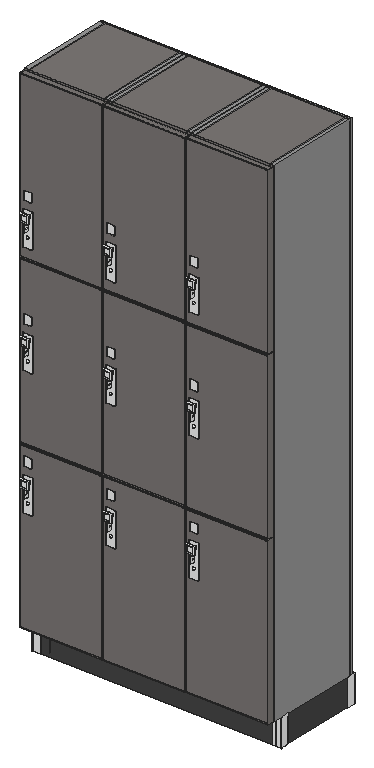
Revit family "Wood_Lockers_Hasps-Salsbury_Industries-43000_Series-3_Wide_Units.rfa", category Specialty Equipment, Revit 2016 (continued)
Definition of nested family "Wood Locker Sloping Corner Fillers"
  Automatic sketch dimensions
    Extrusion 6 sketch curve to plane 12 "New Left Side" = 0.000"
    plane 5 "Right Side of Hood" to Extrusion 6 sketch curve = 0.07981"
    Extrusion 6 sketch curve to Extrusion 6 sketch curve = 0.07981"
    plane 14 "Top" to Extrusion 6 sketch curve = 0.031"
    Extrusion 7 sketch curve to level = 0.000"
    plane 15 to Extrusion 7 sketch curve = 0.000"
    plane 5 "Right Side of Hood" to Extrusion 7 sketch curve = 0.000"
    Extrusion 7 sketch curve to plane 8 = 0.000"
    Extrusion 8 sketch curve to plane 10 "New Back of Hood" = 0.000"
    Extrusion 8 sketch curve to level = 0.000"
    Extrusion 8 sketch curve to plane 7 "Black Trim Line" = 1.80877"
    plane 14 "Top" to Extrusion 8 sketch curve = 0.74863"
Definition of nested family "Wood Locker Flat Corner Fillers"
  Parameters (values of type "44437 - for 15" D Lockers")
    Width = 16.875"
    Visible = yes
    Version = "1.0 (12/15/23)"
    Type Comments = "Flat Top Corner Filler for Premier Wood Lockers"
    Model = "44437"
    Manufacturer = "Salsbury Industries"
    Laminate Surface = none
    Height = 0.750"
    Description = "For 15\" D Lockers"
    Depth = 16.875"
  Types (6): name | Width | Visible | Version | Type Comments | Model | Manufacturer | Description | Depth
    (no name) | 16.875" | yes | "1.0 (12/15/23)" | "Flat Top Corner Filler for Premier Wood Lockers" | "44437" | "Salsbury Industries" | "For 15\" D Lockers" | 16.875"
    44437 - for 15" D Lockers | 16.875" | yes | "1.0 (12/15/23)" | "Flat Top Corner Filler for Premier Wood Lockers" | "44437" | "Salsbury Industries" | "For 15\" D Lockers" | 16.875"
    None | 15.000" | no | "" | "" | "" | "" | "" | 13.250"
    44438 - for 18" D Lockers | 19.875" | yes | "1.0 (12/15/23)" | "Flat Top Corner Filler for Premier Wood Lockers" | "44438" | "Salsbury Industries" | "For 18\" D Lockers" | 19.875"
    44431 - for 21" D Lockers | 22.875" | yes | "1.0 (12/15/23)" | "Flat Top Corner Filler for Premier Wood Lockers" | "44431" | "Salsbury Industries" | "For 21\" D Lockers" | 22.875"
    44439 - for 24" D Lockers | 25.875" | yes | "1.0 (12/15/23)" | "Flat Top Corner Filler for Premier Wood Lockers" | "44439" | "Salsbury Industries" | "For 24\" D Lockers" | 25.875"
  Reference planes (in)
    plane 1 "Center (Front/Back)": y = 0
    plane 2: z = 0
    plane 3 "Center (Left/Right)": x = 0
    plane 4 "Right Side": x = 8.4375
    plane 5 "Left Side": x = -8.4375
    plane 6 "Front Side": y = -8.4375
    plane 7 "Back Side": y = 8.4375
    plane 8 "Bottom": z = 0
    plane 9 "Top Side": z = 0.75
    plane 10 "Wood - Laminate Line": z = 0.719
    plane 11: x = -5.4375
    plane 12: y = -5.4375
  Forms (in)
    Extrusion 1, solid, visible <- "Visible"
      sketch origin (0, 0, 0) x (0, -1, 0) y (1, 0, 0)
        loop
          line (-8.4375, -8.4375) -> (5.4375, -8.4375) -> (5.4375, -5.4375) -> (8.4375, -5.4375) -> (8.4375, 8.4375) -> (-8.4375, 8.4375) -> (-8.4375, -8.4375)
      from 0 to 0.719
    Extrusion 2, solid, material <- "Laminate Surface", visible <- "Visible"
      sketch origin (0, 0, 0.75) x (1, 0, 0) y (0, 1, 0)
        loop
          line (-8.4375, -5.4375) -> (-5.4375, -5.4375) -> (-5.4375, -8.4375) -> (8.4375, -8.4375) -> (8.4375, 8.4375) -> (-8.4375, 8.4375) -> (-8.4375, -5.4375)
      from -0.031 to 0
  Dimensions and locks (in)
    equal spacing: plane 6 "Front Side", plane 1 "Center (Front/Back)", plane 7 "Back Side"
    equal spacing: plane 5 "Left Side", plane 3 "Center (Left/Right)", plane 4 "Right Side"
    "Width": plane 5 "Left Side" to plane 4 "Right Side"
    "Depth": plane 6 "Front Side" to plane 7 "Back Side"
    "Height": plane 9 "Top Side" to plane 8 "Bottom"
    locked: plane 9 "Top Side" to plane 10 "Wood - Laminate Line" at 0.031
    locked: plane 6 "Front Side" to plane 12 at 3
    locked: plane 5 "Left Side" to plane 11 at 3
    plane 12 to plane 7 "Back Side" = 13.875"
    aligned and locked: level to plane 2
  Automatic sketch dimensions
    Extrusion 2 sketch curve to plane 5 "Left Side" = 0.000"
    plane 6 "Front Side" to Extrusion 2 sketch curve = 0.000"
    Extrusion 2 sketch curve to plane 11 = 0.000"
    Extrusion 2 sketch curve to plane 4 "Right Side" = 0.000"
    Extrusion 2 sketch curve to plane 12 = 0.000"
    plane 7 "Back Side" to Extrusion 2 sketch curve = 0.000"
    Extrusion 1 sketch curve to plane 5 "Left Side" = 0.000"
    plane 7 "Back Side" to Extrusion 1 sketch curve = 0.000"
    Extrusion 1 sketch curve to plane 12 = 0.000"
    Extrusion 1 sketch curve to plane 4 "Right Side" = 0.000"
    plane 6 "Front Side" to Extrusion 1 sketch curve = 0.000"
    Extrusion 1 sketch curve to plane 11 = 0.000"
Definition of nested family "Wood Locker Side Panels-No Slope"
  Parameters (values of type "44330 - 6' H for 15"D Lockers")
    Width = 14.625"
    Visible = yes
    Version = "1.0 (12/15/23)"
    Type Comments = "Side Panel for Premier Wood Lockers without Sloping Hood"
    Model = "44330"
    Manufacturer = "Salsbury Industries"
    Laminate Surface = none
    Height = 72.000"
    Door Trim = none
    Description = "6' H for 15\" D Lockers"
    Depth = 0.750"
  Types (6): name | Width | Visible | Version | Type Comments | Model | Manufacturer | Description
    (no name) | 14.625" | yes | "1.0 (12/15/23)" | "Side Panel for Premier Wood Lockers without Sloping Hood" | "44330" | "Salsbury Industries" | "6' H for 15\" D Lockers"
    44330 - 6' H for 15"D Lockers | 14.625" | yes | "1.0 (12/15/23)" | "Side Panel for Premier Wood Lockers without Sloping Hood" | "44330" | "Salsbury Industries" | "6' H for 15\" D Lockers"
    44333 - 6' H for 18" D Lockers | 17.625" | yes | "1.0 (12/15/23)" | "Side Panel for Premier Wood Lockers withouth Sloping Hood" | "44333" | "Salsbury Industries" | "6' H for 18\" D Lockers"
    44335 - 6' H for 21" D Lockers | 20.625" | yes | "1.0 (12/15/23)" | "Side Panel for Premier Wood Lockers without Sloping Hood" | "44335" | "Salsbury Industries" | "6' H for 21\" D Lockers"
    None | 14.000" | no | "" | "" | "" | "" | ""
    44237 - 6' H for 24" D Lockers | 23.625" | yes | "1.0 (12/15/23)" | "Side Panel for Premier Wood Lockers without Sloping Hood" | "44237" | "Salsbury Industries" | "6' H for 21\" D Lockers"
  Reference planes (in)
    plane 1 "Center (Front/Back)": y = 0
    plane 2: z = 0
    plane 3 "Center (Left/Right)": x = 0
    plane 4 "Back": y = 0.375
    plane 5 "Front": y = -0.375
    plane 6 "Left Side": x = -7.3125
    plane 7 "Right Side": x = 7.3125
    plane 8 "Bottom": z = 0
    plane 9 "Top": z = 72
    plane 10 "Center Elevation": z = 36
    plane 11 "Wood - Laminate Edge": y = -0.344
    plane 12 "Right Side of Wood": x = 7.2815
    plane 13 "Left Side of Wood": x = -7.2815
    plane 14 "Top of Wood": z = 71.969
    plane 15 "Bottom of Wood": z = 0.031
  Forms (in)
    Extrusion 1, solid, visible <- "Visible"
      sketch origin (0, 0.375, 0) x (1, 0, 0) y (0, 0, 1)
        loop
          line (7.2815, 71.969) -> (-7.2815, 71.969) -> (-7.2815, 0.031) -> (7.2815, 0.031) -> (7.2815, 71.969)
      from 0 to 0.719
    Extrusion 2, solid, material <- "Laminate Surface", visible <- "Visible"
      sketch origin (0, -0.375, 0) x (1, 0, 0) y (0, 0, 1)
        loop
          line (-7.3125, 72) -> (-7.3125, 0) -> (7.3125, 0) -> (7.3125, 72) -> (-7.3125, 72)
      from -0.031 to 0
    Extrusion 3, solid, material <- "Laminate Surface", visible <- "Visible"
      sketch origin (0, 0, 0) x (1, 0, 0) y (0, 0, 1)
        loop
          line (-7.3125, 0) -> (7.3125, 0) -> (7.3125, 72) -> (-7.3125, 72) -> (-7.3125, 0)
        loop
          line (-7.2815, 0.031) -> (7.2815, 0.031) -> (7.2815, 71.969) -> (-7.2815, 71.969) -> (-7.2815, 0.031)
      from -0.375 to 0.344
  Dimensions and locks (in)
    equal spacing: plane 6 "Left Side", plane 3 "Center (Left/Right)", plane 7 "Right Side"
    plane 5 "Front" to plane 1 "Center (Front/Back)" to plane 4 "Back" = 0.375", 0.375"
    "Width": plane 6 "Left Side" to plane 7 "Right Side"
    "Depth": plane 5 "Front" to plane 4 "Back"
    equal spacing: plane 9 "Top", plane 10 "Center Elevation", plane 8 "Bottom"
    "Height": plane 9 "Top" to plane 8 "Bottom"
    locked: plane 5 "Front" to plane 11 "Wood - Laminate Edge" at 0.031
    locked: plane 15 "Bottom of Wood" to plane 8 "Bottom" at 0.031
    locked: plane 12 "Right Side of Wood" to plane 7 "Right Side" at 0.031
    locked: plane 6 "Left Side" to plane 13 "Left Side of Wood" at 0.031
    locked: plane 9 "Top" to plane 14 "Top of Wood" at 0.031
    aligned and locked: level to plane 2
    aligned and locked: Extrusion 2 sketch curve to plane 7 "Right Side"
    aligned and locked: plane 8 "Bottom" to Extrusion 2 sketch curve
    aligned and locked: plane 6 "Left Side" to Extrusion 2 sketch curve
    aligned and locked: plane 9 "Top" to Extrusion 2 sketch curve
    aligned and locked: Extrusion 3 to plane 4 "Back"
    aligned and locked: plane 11 "Wood - Laminate Edge" to Extrusion 3
  Automatic sketch dimensions
    plane 13 "Left Side of Wood" to Extrusion 1 sketch curve = 0.000"
    plane 12 "Right Side of Wood" to Extrusion 1 sketch curve = 0.000"
    Extrusion 1 sketch curve to plane 15 "Bottom of Wood" = 0.000"
    Extrusion 1 sketch curve to plane 14 "Top of Wood" = 0.000"
    plane 13 "Left Side of Wood" to Extrusion 3 sketch curve = 0.000"
    Extrusion 3 sketch curve to level = 0.000"
    plane 13 "Left Side of Wood" to Extrusion 3 sketch curve = 0.031"
    plane 12 "Right Side of Wood" to Extrusion 3 sketch curve = 0.000"
    plane 7 "Right Side" to Extrusion 3 sketch curve = 0.000"
    Extrusion 3 sketch curve to plane 15 "Bottom of Wood" = 0.000"
    Extrusion 3 sketch curve to plane 14 "Top of Wood" = 0.000"
    Extrusion 3 sketch curve to plane 9 "Top" = 0.000"
Definition of nested family "Wood Locker Side Panels-With Slope"
  Parameters (values of type "44334 - 6' H  for 18" D Lockers")
    Width = 17.625"
    Visible = yes
    Version = "1.0 (12/15/23)"
    Type Comments = "Side Panel for Premier Wood Lockers with Sloping Hood"
    Slope Height = 6.806"
    Model = "44334"
    Manufacturer = "Salsbury Industries"
    Laminate Surface = none
    Height = 72.062"
    Door Trim = none
    Description = "6' H for 18\" D Lockers"
    Depth = 0.750"
  Types (6): name | Width | Visible | Version | Type Comments | Slope Height | Model | Manufacturer | Height | Description
    (no name) | 17.625" | yes | "1.0 (12/15/23)" | "Side Panel for Premier Wood Lockers with Sloping Hood" | 6.806" | "44334" | "Salsbury Industries" | 72.062" | "6' H for 18\" D Lockers"
    44334 - 6' H  for 18" D Lockers | 17.625" | yes | "1.0 (12/15/23)" | "Side Panel for Premier Wood Lockers with Sloping Hood" | 6.806" | "44334" | "Salsbury Industries" | 72.062" | "6' H for 18\" D Lockers"
    44336 - 6' H for 21" D Lockers | 20.625" | yes | "1.0 (12/15/23)" | "Side Panel for Premier Wood Lockers with Sloping Hood" | 7.931" | "44336" | "Salsbury Industries" | 72.062" | "6' H for 21\" D Lockers"
    None | 14.625" | no | "" | "" | 5.681" | "" | "" | 72.062" | ""
    44339 - 6' H for 15" D Lockers | 14.625" | yes | "1.0 (12/15/23)" | "Side Panel for Premier Wood Lockers with Sloping Hood" | 5.681" | "44339" | "Salsbury Industries" | 72.062" | "6' H for 15\" D Lockers"
    44238- 6' H for 24" D Lockers | 23.625" | yes | "1.0 (12/15/23)" | "Side Panel for Premier Wood Lockers with Sloping Hood" | 8.608" | "44238" | "Salsbury Industries" | 72.153" | "6' H for 24\" D Lockers"
  Reference planes (in)
    plane 1 "Center (Front/Back)": y = 0
    plane 2: z = 0
    plane 3 "Center (Left/Right)": x = 0
    plane 4 "Back": y = 0.375
    plane 5 "Front": y = -0.375
    plane 6 "Left Side": x = -8.8125
    plane 7 "Right Side": x = 8.8125
    plane 8 "Bottom": z = 0
    plane 9 "Top": z = 72.062
    plane 10 "Center Elevation": z = 36.031
    plane 11 "Wood - Laminate Edge": y = -0.344
    plane 12 "Right Side of Wood": x = 8.7815
    plane 13 "Left Side of Wood": x = -8.7815
    plane 14 "Top of Wood": z = 71.937
    plane 15 "Bottom of Wood": z = 0.031
    plane 16: z = 78.868
    plane 17: z = 78.743
  Forms (in)
    Extrusion 1, solid, visible <- "Visible"
      sketch origin (0, 0.375, 0) x (1, 0, 0) y (0, 0, 1)
        loop
          line (-8.8125, 78.837) -> (-8.8125, 0) -> (8.7815, 0) -> (8.7815, 72.04287) -> (-8.8125, 78.837)
      from 0 to 0.719
    Extrusion 2, solid, material <- "Laminate Surface", visible <- "Visible"
      sketch origin (0, -0.375, 0) x (1, 0, 0) y (0, 0, 1)
        loop
          line (-8.8125, 0) -> (8.8125, 0) -> (8.8125, 72.062) -> (-8.8125, 78.868) -> (-8.8125, 0)
      from -0.031 to 0
    Extrusion 3, solid, material <- "Laminate Surface", visible <- "Visible"
      sketch origin (0, -0.375, 0) x (1, 0, 0) y (0, 0, 1)
        loop
          line (8.8125, 0) -> (8.8125, 72.062) -> (-8.8125, 78.868) -> (-8.8125, 78.837) -> (8.7815, 72.04287) -> (8.7815, 0) -> (8.8125, 0)
      from -0.031 to -0.75
  Dimensions and locks (in)
    equal spacing: plane 6 "Left Side", plane 3 "Center (Left/Right)", plane 7 "Right Side"
    plane 5 "Front" to plane 1 "Center (Front/Back)" to plane 4 "Back" = 0.375", 0.375"
    "Width": plane 6 "Left Side" to plane 7 "Right Side"
    "Depth": plane 5 "Front" to plane 4 "Back"
    equal spacing: plane 9 "Top", plane 10 "Center Elevation", plane 8 "Bottom"
    "Height": plane 9 "Top" to plane 8 "Bottom"
    locked: plane 5 "Front" to plane 11 "Wood - Laminate Edge" at 0.031
    locked: plane 15 "Bottom of Wood" to plane 8 "Bottom" at 0.031
    locked: plane 12 "Right Side of Wood" to plane 7 "Right Side" at 0.031
    locked: plane 6 "Left Side" to plane 13 "Left Side of Wood" at 0.031
    locked: plane 9 "Top" to plane 14 "Top of Wood" at 0.125
    "Slope Height": plane 16 to plane 9 "Top"
    locked: plane 16 to plane 17 at 0.125
    aligned and locked: level to plane 2
    aligned and locked: Extrusion 3 to plane 4 "Back"
    aligned and locked: plane 11 "Wood - Laminate Edge" to Extrusion 3
  Automatic sketch dimensions
    plane 6 "Left Side" to Extrusion 2 sketch curve = 0.000"
    plane 7 "Right Side" to Extrusion 2 sketch curve = 0.000"
    Extrusion 2 sketch curve to level = 0.000"
    Extrusion 2 sketch curve to plane 9 "Top" = 0.000"
    Extrusion 2 sketch curve to plane 16 = 0.000"
    Extrusion 1 sketch curve to level = 0.000"
    plane 6 "Left Side" to Extrusion 1 sketch curve = 0.000"
    plane 12 "Right Side of Wood" to Extrusion 1 sketch curve = 0.000"
    plane 9 "Top" to Extrusion 1 sketch curve = 0.01913"
    plane 6 "Left Side" to Extrusion 3 sketch curve = 0.000"
    plane 12 "Right Side of Wood" to Extrusion 3 sketch curve = 0.000"
    plane 7 "Right Side" to Extrusion 3 sketch curve = 0.000"
    Extrusion 3 sketch curve to level = 0.000"
    Extrusion 3 sketch curve to plane 9 "Top" = 0.000"
    Extrusion 3 sketch curve to plane 16 = 0.000"
    plane 9 "Top" to Extrusion 3 sketch curve = 0.01913"
    plane 16 to Extrusion 3 sketch curve = 0.031"
    plane 16 to Extrusion 1 sketch curve = 0.031"
Definition of nested family "Wood Locker Double Side Panels-No Slope"
  Parameters (values of type "44330DE - 6' H for 15"D Lockers")
    Width = 29.250"
    Visible = yes
    Version = "1.0 (12/15/23)"
    Type Comments = "Double End Panel for Premier Wood Lockers"
    Model = "44330DE"
    Manufacturer = "Salsbury Industries"
    Laminate Surface = none
    Height = 72.000"
    Door Trim = none
    Description = "For 6' H x 15\" D without Sloping Hood"
    Depth = 0.750"
  Types (6): name | Width | Visible | Version | Type Comments | Model | Manufacturer | Description
    (no name) | 29.250" | yes | "1.0 (12/15/23)" | "Double End Panel for Premier Wood Lockers" | "44330DE" | "Salsbury Industries" | "For 6' H x 15\" D without Sloping Hood"
    44330DE - 6' H for 15"D Lockers | 29.250" | yes | "1.0 (12/15/23)" | "Double End Panel for Premier Wood Lockers" | "44330DE" | "Salsbury Industries" | "For 6' H x 15\" D without Sloping Hood"
    44333DE - 6' H for 18" D Lockers | 35.250" | yes | "1.0 (12/15/23)" | "Double End Panel for Premier Wood Lockers" | "44333DE" | "Salsbury Industries" | "For 6' H x 18\" D without Sloping Hood"
    44335DE - 6' H for 21" D Lockers | 41.250" | yes | "1.0 (12/15/23)" | "Double End Panel for Premier Wood Lockers" | "44335DE" | "Salsbury Industries" | "For 6' H x 21\" D without Sloping Hood"
    None | 14.000" | no | "" | "" | "" | "" | ""
    44237DE - 6' H for 24" D Lockers | 47.250" | yes | "1.0 (12/15/23)" | "Double End Panel for Premier Wood Lockers" | "44237DE" | "Salsbury Industries" | "For 6' H x 21\" D without Sloping Hood"
  Reference planes (in)
    plane 1 "Center (Front/Back)": y = 0
    plane 2: z = 0
    plane 3 "Center (Left/Right)": x = 0
    plane 4 "Back": y = 0.375
    plane 5 "Front": y = -0.375
    plane 6 "Left Side": x = -14.625
    plane 7 "Right Side": x = 14.625
    plane 8 "Bottom": z = 0
    plane 9 "Top": z = 72
    plane 10 "Center Elevation": z = 36
    plane 11 "Wood - Laminate Edge": y = -0.344
    plane 12 "Right Side of Wood": x = 14.594
    plane 13 "Left Side of Wood": x = -14.594
    plane 14 "Top of Wood": z = 71.969
    plane 15 "Bottom of Wood": z = 0.031
  Forms (in)
    Extrusion 1, solid, visible <- "Visible"
      sketch origin (0, 0.375, 0) x (1, 0, 0) y (0, 0, 1)
        loop
          line (14.594, 71.969) -> (-14.594, 71.969) -> (-14.594, 0.031) -> (14.594, 0.031) -> (14.594, 71.969)
      from 0 to 0.719
    Extrusion 2, solid, material <- "Laminate Surface", visible <- "Visible"
      sketch origin (0, -0.375, 0) x (1, 0, 0) y (0, 0, 1)
        loop
          line (-14.625, 72) -> (-14.625, 0) -> (14.625, 0) -> (14.625, 72) -> (-14.625, 72)
      from -0.031 to 0
    Extrusion 3, solid, material <- "Laminate Surface", visible <- "Visible"
      sketch origin (0, 0, 0) x (1, 0, 0) y (0, 0, 1)
        loop
          line (-14.625, 0) -> (14.625, 0) -> (14.625, 72) -> (-14.625, 72) -> (-14.625, 0)
        loop
          line (14.594, 71.969) -> (-14.594, 71.969) -> (-14.594, 0.031) -> (14.594, 0.031) -> (14.594, 71.969)
      from -0.375 to 0.344
  Dimensions and locks (in)
    equal spacing: plane 6 "Left Side", plane 3 "Center (Left/Right)", plane 7 "Right Side"
    plane 5 "Front" to plane 1 "Center (Front/Back)" to plane 4 "Back" = 0.375", 0.375"
    "Width": plane 6 "Left Side" to plane 7 "Right Side"
    "Depth": plane 5 "Front" to plane 4 "Back"
    equal spacing: plane 9 "Top", plane 10 "Center Elevation", plane 8 "Bottom"
    "Height": plane 9 "Top" to plane 8 "Bottom"
    locked: plane 5 "Front" to plane 11 "Wood - Laminate Edge" at 0.031
    locked: plane 15 "Bottom of Wood" to plane 8 "Bottom" at 0.031
    plane 12 "Right Side of Wood" to plane 7 "Right Side" = 0.031"
    locked: plane 6 "Left Side" to plane 13 "Left Side of Wood" at 0.031
    locked: plane 9 "Top" to plane 14 "Top of Wood" at 0.031
    aligned and locked: level to plane 2
    aligned and locked: plane 8 "Bottom" to Extrusion 2 sketch curve
    aligned and locked: plane 6 "Left Side" to Extrusion 2 sketch curve
    aligned and locked: Extrusion 2 sketch curve to plane 7 "Right Side"
    aligned and locked: plane 9 "Top" to Extrusion 2 sketch curve
    aligned and locked: Extrusion 3 to plane 4 "Back"
    aligned and locked: plane 11 "Wood - Laminate Edge" to Extrusion 3
  Automatic sketch dimensions
    plane 13 "Left Side of Wood" to Extrusion 1 sketch curve = 0.000"
    plane 12 "Right Side of Wood" to Extrusion 1 sketch curve = 0.000"
    Extrusion 1 sketch curve to plane 15 "Bottom of Wood" = 0.000"
    Extrusion 1 sketch curve to plane 14 "Top of Wood" = 0.000"
    Extrusion 3 sketch curve to level = 0.000"
    plane 6 "Left Side" to Extrusion 3 sketch curve = 0.000"
    plane 7 "Right Side" to Extrusion 3 sketch curve = 0.000"
    Extrusion 3 sketch curve to plane 9 "Top" = 0.000"
    plane 13 "Left Side of Wood" to Extrusion 3 sketch curve = 0.000"
    Extrusion 3 sketch curve to plane 15 "Bottom of Wood" = 0.000"
    Extrusion 3 sketch curve to plane 14 "Top of Wood" = 0.000"
    plane 12 "Right Side of Wood" to Extrusion 3 sketch curve = 0.000"
Definition of nested family "Wood Locker Double Side Panels-With Slope"
  Parameters (values of type "44339DE - 6' H for 15"D Lockers")
    Width = 29.250"
    Visible = yes
    Version = "1.0 (12/15/23)"
    Type Comments = "Double End Panel for Premier Wood Lockers"
    Slope Height = 5.681"
    Model = "44339DE"
    Manufacturer = "Salsbury Industries"
    Laminate Surface = none
    Height = 72.062"
    Door Trim = none
    Description = "For 6' H x 15\" D Lockers with Sloping Hood"
    Depth = 0.750"
  Types (6): name | Width | Visible | Version | Type Comments | Slope Height | Model | Manufacturer | Height | Description
    (no name) | 29.250" | yes | "1.0 (12/15/23)" | "Double End Panel for Premier Wood Lockers" | 5.681" | "44339DE" | "Salsbury Industries" | 72.062" | "For 6' H x 15\" D Lockers with Sloping Hood"
    44339DE - 6' H for 15"D Lockers | 29.250" | yes | "1.0 (12/15/23)" | "Double End Panel for Premier Wood Lockers" | 5.681" | "44339DE" | "Salsbury Industries" | 72.062" | "For 6' H x 15\" D Lockers with Sloping Hood"
    44334DE - 6' H  for 18" D Lockers | 35.250" | yes | "1.0 (12/15/23)" | "Double End Panel for Premier Wood Lockers" | 6.806" | "44334DE" | "Salsbury Industries" | 72.062" | "For 6' H x 18\" D Lockers with Sloping Hood"
    44336DE - 6' H for 21" D Lockers | 41.250" | yes | "1.0 (12/15/23)" | "Double End Panel for Premier Wood Lockers" | 7.931" | "44336DE" | "Salsbury Industries" | 72.062" | "For 6' H x 21\" D Lockers with Sloping Hood"
    None | 14.000" | no | "" | "" | 5.500" | "" | "" | 72.000" | ""
    44238DE - 6' H for 24" D Lockers | 47.250" | yes | "1.0 (12/15/23)" | "Double End Panel for Premier Wood Lockers" | 8.895" | "442386DE" | "Salsbury Industries" | 72.153" | "For 6' H x 21\" D Lockers with Sloping Hood"
  Reference planes (in)
    plane 1 "Center (Front/Back)": y = 0
    plane 2: z = 0
    plane 3 "Center (Left/Right)": x = 0
    plane 4 "Back": y = 0.375
    plane 5 "Front": y = -0.375
    plane 6 "Left Side": x = -14.625
    plane 7 "Right Side": x = 14.625
    plane 8 "Bottom": z = 0
    plane 9 "Top": z = 72.062
    plane 10 "Center Elevation": z = 36.031
    plane 11 "Wood - Laminate Edge": y = -0.344
    plane 12 "Right Side of Wood": x = 14.594
    plane 13 "Left Side of Wood": x = -14.594
    plane 14 "Top of Wood": z = 71.937
    plane 15 "Bottom of Wood": z = 0.125
    plane 16: z = 77.743
    plane 17: z = 77.712
  Forms (in)
    Extrusion 1, solid, visible <- "Visible"
      sketch origin (0, 0.375, 0) x (1, 0, 0) y (0, 0, 1)
        loop
          line (14.594, 72.031) -> (0, 77.712) -> (-14.594, 72.031) -> (-14.594, 0) -> (14.594, 0) -> (14.594, 72.031)
      from 0 to 0.719
    Extrusion 2, solid, material <- "Laminate Surface", visible <- "Visible"
      sketch origin (0, -0.375, 0) x (1, 0, 0) y (0, 0, 1)
        loop
          line (14.625, 0) -> (14.625, 72.062) -> (0, 77.743) -> (-14.625, 72.062) -> (-14.625, 0) -> (14.625, 0)
      from -0.031 to 0
    Extrusion 3, solid, material <- "Laminate Surface", visible <- "Visible"
      sketch origin (0, 0.375, 0) x (1, 0, 0) y (0, 0, 1)
        loop
          line (14.625, 0) -> (14.625, 72.062) -> (0, 77.743) -> (-14.625, 72.062) -> (-14.625, 0) -> (-14.594, 0) -> (-14.594, 72.031) -> (0, 77.712) -> (14.594, 72.031) -> (14.594, 0) -> (14.625, 0)
      from 0 to 0.719
  Dimensions and locks (in)
    equal spacing: plane 6 "Left Side", plane 3 "Center (Left/Right)", plane 7 "Right Side"
    plane 5 "Front" to plane 1 "Center (Front/Back)" to plane 4 "Back" = 0.375", 0.375"
    "Width": plane 6 "Left Side" to plane 7 "Right Side"
    "Depth": plane 5 "Front" to plane 4 "Back"
    equal spacing: plane 9 "Top", plane 10 "Center Elevation", plane 8 "Bottom"
    "Height": plane 9 "Top" to plane 8 "Bottom"
    locked: plane 5 "Front" to plane 11 "Wood - Laminate Edge" at 0.031
    locked: plane 15 "Bottom of Wood" to plane 8 "Bottom" at 0.125
    locked: plane 12 "Right Side of Wood" to plane 7 "Right Side" at 0.031
    locked: plane 6 "Left Side" to plane 13 "Left Side of Wood" at 0.031
    locked: plane 9 "Top" to plane 14 "Top of Wood" at 0.125
    "Slope Height": plane 16 to plane 9 "Top"
    locked: plane 16 to plane 17 at 0.031
    aligned and locked: level to plane 2
    aligned and locked: Extrusion 3 to plane 4 "Back"
    aligned and locked: plane 11 "Wood - Laminate Edge" to Extrusion 3
  Automatic sketch dimensions
    plane 6 "Left Side" to Extrusion 2 sketch curve = 0.000"
    Extrusion 2 sketch curve to plane 3 "Center (Left/Right)" = 0.000"
    plane 7 "Right Side" to Extrusion 2 sketch curve = 0.000"
    Extrusion 2 sketch curve to level = 0.000"
    Extrusion 2 sketch curve to plane 9 "Top" = 0.000"  (x2)
    Extrusion 2 sketch curve to plane 16 = 0.000"
    Extrusion 1 sketch curve to level = 0.000"
    plane 13 "Left Side of Wood" to Extrusion 1 sketch curve = 0.000"
    Extrusion 1 sketch curve to plane 3 "Center (Left/Right)" = 0.000"
    plane 12 "Right Side of Wood" to Extrusion 1 sketch curve = 0.000"
    Extrusion 1 sketch curve to plane 17 = 0.000"
    plane 9 "Top" to Extrusion 1 sketch curve = 0.031"  (x2)
    Extrusion 3 sketch curve to level = 0.000"  (x2)
    plane 6 "Left Side" to Extrusion 3 sketch curve = 0.000"
    plane 13 "Left Side of Wood" to Extrusion 3 sketch curve = 0.000"
    Extrusion 3 sketch curve to plane 3 "Center (Left/Right)" = 0.000"  (x2)
    plane 12 "Right Side of Wood" to Extrusion 3 sketch curve = 0.000"
    plane 7 "Right Side" to Extrusion 3 sketch curve = 0.000"
    Extrusion 3 sketch curve to plane 9 "Top" = 0.000"  (x2)
    plane 9 "Top" to Extrusion 3 sketch curve = 0.031"  (x2)
    Extrusion 3 sketch curve to plane 17 = 0.000"
    Extrusion 3 sketch curve to plane 16 = 0.000"
Definition of nested family "Wood Locker Front Fillers"
  Parameters (values of type "44469 - 9" W for 6' H Lockers without Base")
    Width = 9.000"
    Visible Base = no
    Visible = yes
    Version = "1.0 (1/31/24)"
    Type Comments = "Front Vertical Filler for Premier Wood Lockers"
    Model = "44469"
    Manufacturer = "Salsbury Industries"
    Laminate Surface = none
    Height = 72.000"
    Description = "For 6' H Lockers"
    Depth = 0.750"
    Base Height = 0.000"
  Types (6): name | Width | Visible Base | Visible | Version | Type Comments | Model | Manufacturer | Description | Base Height
    (no name) | 9.000" | no | yes | "1.0 (1/31/24)" | "Front Vertical Filler for Premier Wood Lockers" | "44469" | "Salsbury Industries" | "For 6' H Lockers" | 0.000"
    44467 - 15"W for 6' H Lockers with Base | 15.000" | yes | yes | "1.0 (01/31/24)" | "Front Vertical Filler for Premier Wood Lockers" | "444367" | "Salsbury Industries" | "For 6' H Lockers" | 4.000"
    None | 15.000" | no | no | "" | "" | "" | "" | "" | 4.000"
    44469 - 9" W for 6' H Lockers with Base | 9.000" | yes | yes | "1.0 (01/31/24)" | "Front Vertical Filler for Premier Wood Lockers" | "44469" | "Salsbury Industries" | "For 6' H Lockers" | 4.000"
    44467 - 15" W for 6'H Lockers without Base | 15.000" | no | yes | "1.0 (01/31/24)" | "Front Vertical Filler for Premier Wood Lockers" | "44467" | "Salsbury Industries" | "For 6' H Lockers" | 0.000"
    44469 - 9" W for 6' H Lockers without Base | 9.000" | no | yes | "1.0 (1/31/24)" | "Front Vertical Filler for Premier Wood Lockers" | "44469" | "Salsbury Industries" | "For 6' H Lockers" | 0.000"
  Reference planes (in)
    plane 1 "Center (Front/Back)": y = 0
    plane 2: z = 0
    plane 3 "Center (Left/Right)": x = 0
    plane 4 "Back": y = 0.375
    plane 5 "Front": y = -0.375
    plane 6 "Left Side": x = -4.5
    plane 7 "Right Side": x = 4.5
    plane 8 "Bottom": z = 0
    plane 9 "Top": z = 72
    plane 10 "Center Elevation": z = 36
    plane 11 "Wood - Laminate Edge": y = -0.344
    plane 12 "Right Side of Wood": x = 4.375
    plane 13 "Left Side of Wood": x = -4.375
    plane 14 "Top of Wood": z = 71.875
    plane 15 "Bottom of Wood": z = 0.125
    plane 16 "Front of Base Filler": y = 1
  Forms (in)
    Extrusion 1, solid, visible <- "Visible"
      sketch origin (0, 0.375, 0) x (1, 0, 0) y (0, 0, 1)
        loop
          line (4.5, 72) -> (-4.5, 72) -> (-4.5, 0) -> (4.5, 0) -> (4.5, 72)
      from 0 to 0.719
    Extrusion 2, solid, material <- "Laminate Surface", visible <- "Visible"
      sketch origin (0, -0.375, 0) x (1, 0, 0) y (0, 0, 1)
        loop
          line (-4.5, 72) -> (-4.5, 0) -> (4.5, 0) -> (4.5, 72) -> (-4.5, 72)
      from -0.031 to 0
    Extrusion 3, solid, visible <- "Visible Base"
      sketch origin (0, 0, 0) x (1, 0, 0) y (0, 1, 0)
        loop
          line (-4.5, 1.75) -> (-4.5, 0.375) -> (4.5, 0.375) -> (4.5, 1.75) -> (-4.5, 1.75)
      from 0 to 0.75
    Extrusion 4, solid, visible <- "Visible Base"
      sketch origin (0, 0, 0) x (1, 0, 0) y (0, 1, 0)
        loop
          line (-4.5, 1.75) -> (-4.5, 1) -> (4.5, 1) -> (4.5, 1.75) -> (-4.5, 1.75)
      from 0 to -4
  Dimensions and locks (in)
    equal spacing: plane 6 "Left Side", plane 3 "Center (Left/Right)", plane 7 "Right Side"
    plane 5 "Front" to plane 1 "Center (Front/Back)" to plane 4 "Back" = 0.375", 0.375"
    "Width": plane 6 "Left Side" to plane 7 "Right Side"
    "Depth": plane 5 "Front" to plane 4 "Back"
    equal spacing: plane 9 "Top", plane 10 "Center Elevation", plane 8 "Bottom"
    locked: plane 5 "Front" to plane 11 "Wood - Laminate Edge" at 0.031
    locked: plane 15 "Bottom of Wood" to plane 8 "Bottom" at 0.125
    locked: plane 12 "Right Side of Wood" to plane 7 "Right Side" at 0.125
    locked: plane 6 "Left Side" to plane 13 "Left Side of Wood" at 0.125
    locked: plane 9 "Top" to plane 14 "Top of Wood" at 0.125
    locked: plane 5 "Front" to plane 16 "Front of Base Filler" at 1.375
    "Base Height": plane 8 "Bottom" to plane 2
    "Height": plane 9 "Top" to plane 8 "Bottom"
    aligned and locked: level to plane 2
    aligned and locked: plane 8 "Bottom" to Extrusion 1
  Automatic sketch dimensions
    plane 6 "Left Side" to Extrusion 1 sketch curve = 0.000"
    plane 7 "Right Side" to Extrusion 1 sketch curve = 0.000"
    level to Extrusion 1 sketch curve = 0.000"
    Extrusion 1 sketch curve to plane 9 "Top" = 0.000"
    plane 6 "Left Side" to Extrusion 2 sketch curve = 0.000"
    plane 7 "Right Side" to Extrusion 2 sketch curve = 0.000"
    plane 15 "Bottom of Wood" to Extrusion 2 sketch curve = 0.125"
    Extrusion 2 sketch curve to plane 9 "Top" = 0.000"
    plane 4 "Back" to Extrusion 3 sketch curve = 0.000"
    Extrusion 3 sketch curve to plane 6 "Left Side" = 0.000"
    Extrusion 3 sketch curve to plane 7 "Right Side" = 0.000"
    Extrusion 3 sketch curve to plane 16 "Front of Base Filler" = 0.750"
    Extrusion 4 sketch curve to plane 6 "Left Side" = 0.000"
    Extrusion 4 sketch curve to plane 7 "Right Side" = 0.000"
    plane 16 "Front of Base Filler" to Extrusion 4 sketch curve = 0.000"
    Extrusion 4 sketch curve to plane 16 "Front of Base Filler" = 0.750"
Definition of nested family "Wood Locker Front Corner Filler"
  Parameters (values of type "44464 - for 6' H Lockers with Base")
    Width = 2.250"
    Visible Base = yes
    Visible = yes
    Version = "1.0 (12/15/23)"
    Type Comments = "Front Vertical Corner Filler for Designer Wood Lockers"
    Primary Structure Materials = none
    Model = "44464"
    Manufacturer = "Salsbury Industries"
    Laminate Surface = none
    Height = 72.000"
    Description = "For 6' H Lockers"
    Depth = 0.750"
    Base Primary Materials = none
    Base Height = 4.000"
  Types (3): name | Visible Base | Visible | Version | Type Comments | Model | Manufacturer | Description | Base Height
    None | no | no | "" | "" | "" | "" | "" | 4.000"
    44464 - for 6'H Lockers without Base | no | yes | "1.0 (12/15/23)" | "Front Vertical Corner Filler for Designer Wood Lockers" | "44464" | "Salsbury Industries" | "For 6' H Lockers" | 0.000"
    44464 - for 6' H Lockers with Base | yes | yes | "1.0 (12/15/23)" | "Front Vertical Corner Filler for Designer Wood Lockers" | "44464" | "Salsbury Industries" | "For 6' H Lockers" | 4.000"
  Reference planes (in)
    plane 1 "Center (Front/Back)": y = 0
    plane 2 "Bottom of Base": z = 0
    plane 3 "Center (Left/Right)": x = 0
    plane 4 "Back": y = 0.375
    plane 5 "Front": y = -0.375
    plane 6 "Left Side": x = -1.125
    plane 7 "Right Side": x = 1.125
    plane 8 "Bottom": z = 4
    plane 9 "Top": z = 76
    plane 10 "Center Elevation": z = 40
    plane 11 "Wood - Laminate Edge": y = -0.344
    plane 12 "Right Side of Wood": x = 1
    plane 13 "Left Side of Wood": x = -1
    plane 14 "Top of Wood": z = 75.875
    plane 15 "Bottom of Wood": z = 4.125
    plane 16 "Front of Base Filler": y = 1
  Forms (in)
    Extrusion 1, solid, material <- "Primary Structure Materials", visible <- "Visible"
      sketch origin (0, 0.375, 0) x (1, 0, 0) y (0, 0, 1)
        loop
          line (1.125, 76) -> (-1.156, 76) -> (-1.156, 4) -> (1.125, 4) -> (1.125, 76)
      from 0 to 0.719
    Extrusion 2, solid, material <- "Laminate Surface", visible <- "Visible"
      sketch origin (0, -0.375, 0) x (1, 0, 0) y (0, 0, 1)
        loop
          line (-1.125, 76) -> (-1.125, 4) -> (1.125, 4) -> (1.125, 76) -> (-1.125, 76)
      from -0.031 to 0
    Extrusion 3, solid, material <- "Primary Structure Materials", visible <- "Visible"
      sketch origin (-1.875, -1.5, 0) x (0, 1, 0) y (0, 0, 1)
        loop
          line (1.875, 76) -> (-1.125, 76) -> (-1.125, 4) -> (1.875, 4) -> (1.875, 76)
      from 0 to 0.719
    Extrusion 4, solid, material <- "Laminate Surface", visible <- "Visible"
      sketch origin (-1.125, -1.5, 0) x (0, 1, 0) y (0, 0, 1)
        loop
          line (-1.125, 76) -> (-1.125, 4) -> (1.156, 4) -> (1.156, 76) -> (-1.125, 76)
      from -0.031 to 0
    Extrusion 5, solid, material <- "Base Primary Materials", visible <- "Visible Base"
      sketch origin (0, 0, 0) x (1, 0, 0) y (0, 1, 0)
        loop
          line (-3.25, 1.75) -> (-3.25, -2.625) -> (-1.875, -2.625) -> (-1.875, 1.75) -> (-3.25, 1.75)
      from 4 to 4.75
    Extrusion 6, solid, material <- "Base Primary Materials", visible <- "Visible Base"
      sketch origin (0, 0, 0) x (1, 0, 0) y (0, 1, 0)
        loop
          line (-1.875, 1.75) -> (-1.875, 0.375) -> (1.125, 0.375) -> (1.125, 1.75) -> (-1.875, 1.75)
      from 4 to 4.75
    Extrusion 7, solid, material <- "Base Primary Materials", visible <- "Visible Base"
      sketch origin (0, 0, 0) x (1, 0, 0) y (0, 1, 0)
        loop
          line (1.125, 1.75) -> (-2.43407, 1.75) -> (-2.43407, 1) -> (1.125, 1) -> (1.125, 1.75)
      from 0 to 4
    Extrusion 8, solid, material <- "Base Primary Materials", visible <- "Visible Base"
      sketch origin (0, 0, 0) x (1, 0, 0) y (0, 1, 0)
        loop
          line (-3.25, 1.75) -> (-3.25, -2.625) -> (-2.43407, -2.625) -> (-2.43407, 1.75) -> (-3.25, 1.75)
      from 0 to 4
  Dimensions and locks (in)
    equal spacing: plane 6 "Left Side", plane 3 "Center (Left/Right)", plane 7 "Right Side"
    plane 5 "Front" to plane 1 "Center (Front/Back)" to plane 4 "Back" = 0.375", 0.375"
    "Width": plane 6 "Left Side" to plane 7 "Right Side"
    "Depth": plane 5 "Front" to plane 4 "Back"
    equal spacing: plane 9 "Top", plane 10 "Center Elevation", plane 8 "Bottom"
    "Height": plane 9 "Top" to plane 8 "Bottom"
    locked: plane 5 "Front" to plane 11 "Wood - Laminate Edge" at 0.031
    locked: plane 15 "Bottom of Wood" to plane 8 "Bottom" at 0.125
    locked: plane 12 "Right Side of Wood" to plane 7 "Right Side" at 0.125
    locked: plane 6 "Left Side" to plane 13 "Left Side of Wood" at 0.125
    locked: plane 9 "Top" to plane 14 "Top of Wood" at 0.125
    locked: plane 5 "Front" to plane 16 "Front of Base Filler" at 1.375
    "Base Height": plane 8 "Bottom" to plane 2 "Bottom of Base"
    aligned and locked: level to plane 2 "Bottom of Base"
    aligned and locked: plane 8 "Bottom" to Extrusion 1
    aligned and locked: Extrusion 7 to Extrusion 5
    aligned and locked: Extrusion 8 to Extrusion 5
    aligned and locked: Extrusion 7 to Extrusion 8
  Automatic sketch dimensions
    Extrusion 1 sketch curve to plane 9 "Top" = 0.000"
    Extrusion 1 sketch curve to plane 8 "Bottom" = 0.000"
    plane 7 "Right Side" to Extrusion 1 sketch curve = 0.000"
    plane 6 "Left Side" to Extrusion 1 sketch curve = 0.031"
    plane 6 "Left Side" to Extrusion 2 sketch curve = 0.000"
    plane 7 "Right Side" to Extrusion 2 sketch curve = 0.000"
    Extrusion 2 sketch curve to plane 8 "Bottom" = 0.000"
    Extrusion 2 sketch curve to plane 9 "Top" = 0.000"
    plane 9 "Top" to Extrusion 3 sketch curve = 0.000"
    plane 8 "Bottom" to Extrusion 3 sketch curve = 0.000"
    Extrusion 3 sketch curve to plane 4 "Back" = 0.000"
    plane 5 "Front" to Extrusion 3 sketch curve = 2.250"
    plane 8 "Bottom" to Extrusion 4 sketch curve = 0.000"
    plane 9 "Top" to Extrusion 4 sketch curve = 0.000"
    Extrusion 4 sketch curve to plane 11 "Wood - Laminate Edge" = 0.000"
    plane 5 "Front" to Extrusion 4 sketch curve = 2.250"
    plane 6 "Left Side" to Extrusion 5 sketch curve = 2.125"
    plane 6 "Left Side" to Extrusion 5 sketch curve = 0.750"
    plane 5 "Front" to Extrusion 5 sketch curve = 2.250"
    Extrusion 5 sketch curve to plane 16 "Front of Base Filler" = 0.750"
    plane 16 "Front of Base Filler" to Extrusion 7 sketch curve = 0.000"
    Extrusion 7 sketch curve to plane 7 "Right Side" = 0.000"
    plane 6 "Left Side" to Extrusion 7 sketch curve = 1.30907"
    Extrusion 7 sketch curve to plane 16 "Front of Base Filler" = 0.750"
    plane 6 "Left Side" to Extrusion 8 sketch curve = 2.125"
    Extrusion 8 sketch curve to Extrusion 8 sketch curve = 0.81593"
    plane 5 "Front" to Extrusion 8 sketch curve = 2.250"
    Extrusion 8 sketch curve to plane 16 "Front of Base Filler" = 0.750"
    plane 4 "Back" to Extrusion 6 sketch curve = 0.000"
    Extrusion 6 sketch curve to plane 7 "Right Side" = 0.000"
    plane 6 "Left Side" to Extrusion 6 sketch curve = 0.750"
    Extrusion 6 sketch curve to plane 16 "Front of Base Filler" = 0.750"
Definition of nested family "Wood Locker Sloping In-Line Fillers"
  Parameters (values of type "44481 - 15" W for 21" D Lockers")
    Width = 15.000"
    Visible = yes
    Version = "1.0 (12/15/23)"
    Type Comments = "Sloping Hood In-Line Filler for Premier Wood Lockers"
    Model = "44481"
    Manufacturer = "Salsbury Industries"
    Laminate Surface = none
    Height = 7.993"
    Description = "For 21\" D Lockers"
    Depth = 20.625"
  Types (10): name | Width | Visible | Version | Type Comments | Model | Manufacturer | Height | Description | Depth
    (no name) | 15.000" | yes | "1.0 (12/15/23)" | "Sloping Hood In-Line Filler for Premier Wood Lockers" | "44481" | "Salsbury Industries" | 7.993" | "For 21\" D Lockers" | 20.625"
    44487 - 15" W for 15" D Lockers | 15.000" | yes | "1.0 (12/15/23)" | "Sloping Hood In-Line Filler for Premier Wood Lockers" | "44487" | "Salsbury Industries" | 5.743" | "For 15\" D Lockers" | 14.625"
    44488 - 15" W for 18" D Lockers | 15.000" | yes | "1.0 (12/15/23)" | "Sloping Hood In-Line Filler for Premier Wood Lockers" | "44488" | "Salsbury Industries" | 6.868" | "For 18\" D Lockers" | 17.625"
    44481 - 15" W for 21" D Lockers | 15.000" | yes | "1.0 (12/15/23)" | "Sloping Hood In-Line Filler for Premier Wood Lockers" | "44481" | "Salsbury Industries" | 7.993" | "For 21\" D Lockers" | 20.625"
    None | 12.000" | no | "" | "" | "" | "" | 5.500" | "" | 14.000"
    44489 - 15" W for 24" D Lockers | 15.000" | yes | "1.0 (12/15/23)" | "Sloping Hood In-Line Filler for Premier Wood Lockers" | "44489" | "Salsbury Industries" | 8.875" | "For 24\" D Lockers" | 23.000"
    44488 - 9" W for 18" D Lockers | 9.000" | yes | "1.0 (12/15/23)" | "Sloping Hood In-Line Filler for Premier Wood Lockers" | "44488" | "Salsbury Industries" | 6.868" | "For 18\" D Lockers" | 17.625"
    44487 - 9" W for 15" D Lockers | 9.000" | yes | "1.0 (12/15/23)" | "Sloping Hood In-Line Filler for Premier Wood Lockers" | "44487" | "Salsbury Industries" | 5.743" | "For 15\" D Lockers" | 14.625"
    44481 - 9" W for 21" D Lockers | 9.000" | yes | "1.0 (12/15/23)" | "Sloping Hood In-Line Filler for Premier Wood Lockers" | "44481" | "Salsbury Industries" | 7.750" | "For 21\" D Lockers" | 20.000"
    44489 - 9" W for 24" D Lockers | 9.000" | yes | "1.0 (12/15/23)" | "Sloping Hood In-Line Filler for Premier Wood Lockers" | "44489" | "Salsbury Industries" | 8.875" | "For 24\" D Lockers" | 23.000"
  Reference planes (in)
    plane 1 "Center (Front/Back)": y = 0
    plane 2: z = 0
    plane 3 "Center (Left/Right)": x = 0
    plane 4 "Front of Hood": y = -10.3125
    plane 5 "Back of Hood": y = 10.3125
    plane 6 "Right Side of Hood": x = 7.5
    plane 7 "Left Side of Hood": x = -7.5
    plane 8 "Bottom of Hood": z = 0
    plane 9 "Top of Hood": z = 7.993
    plane 10: x = 6.75
    plane 11: x = -6.75
    plane 12: y = -10.2815
    plane 13: y = -9.5625
    plane 14: z = 7.962
    plane 15: z = 7.243
    plane 16: z = 0.062
    plane 17: z = 0.75
  Forms (in)
    Extrusion 1, solid, visible <- "Visible"
      sketch origin (0, 0, 0) x (0, 1, 0) y (0, 0, 1)
        loop
          line (-8.47273, 0) -> (10.3125, 7.243) -> (10.3125, 7.962) -> (-10.23269, 0.062) -> (-10.2815, 0.062) -> (-10.2815, 0) -> (-8.47273, 0)
      from -7.5 to 7.5
    Extrusion 2, solid, material <- "Laminate Surface", visible <- "Visible"
      sketch origin (0, 0, 0) x (0, 1, 0) y (0, 0, 1)
        loop
          line (-10.3125, 0.062) -> (-10.3125, 0) -> (-10.2815, 0) -> (-10.2815, 0.062) -> (-10.3125, 0.062)
      from -7.5 to 7.5
    Extrusion 3, solid, material <- "Laminate Surface", visible <- "Visible"
      sketch origin (0, 0, 0) x (0, 1, 0) y (0, 0, 1)
        loop
          line (10.3125, 7.993) -> (-10.3125, 0.062) -> (-10.23269, 0.062) -> (10.3125, 7.962) -> (10.3125, 7.993)
      from -7.5 to 7.5
  Dimensions and locks (in)
    equal spacing: plane 7 "Left Side of Hood", plane 3 "Center (Left/Right)", plane 6 "Right Side of Hood"
    "Width": plane 7 "Left Side of Hood" to plane 6 "Right Side of Hood"
    equal spacing: plane 4 "Front of Hood", plane 1 "Center (Front/Back)", plane 5 "Back of Hood"
    "Depth": plane 4 "Front of Hood" to plane 5 "Back of Hood"
    "Height": plane 9 "Top of Hood" to plane 8 "Bottom of Hood"
    plane 7 "Left Side of Hood" to plane 11 = 0.750"
    plane 10 to plane 6 "Right Side of Hood" = 0.750"
    plane 4 "Front of Hood" to plane 12 to plane 13 = 0.031" locked, 0.719" locked
    plane 15 to plane 14 to plane 9 "Top of Hood" = 0.719" locked, 0.031" locked
    locked: plane 16 to plane 8 "Bottom of Hood" at 0.062
    locked: plane 17 to plane 8 "Bottom of Hood" at 0.75
    aligned and locked: level to plane 2
    aligned and locked: Extrusion 1 to plane 6 "Right Side of Hood"
    aligned and locked: plane 7 "Left Side of Hood" to Extrusion 1
    aligned and locked: plane 7 "Left Side of Hood" to Extrusion 3
    aligned and locked: Extrusion 3 to plane 6 "Right Side of Hood"
    aligned and locked: Extrusion 2 to plane 6 "Right Side of Hood"
    aligned and locked: plane 7 "Left Side of Hood" to Extrusion 2
  Automatic sketch dimensions
    Extrusion 2 sketch curve to level = 0.000"
    Extrusion 2 sketch curve to plane 4 "Front of Hood" = 0.000"
    Extrusion 2 sketch curve to plane 12 = 0.000"
    plane 16 to Extrusion 2 sketch curve = 0.000"
    Extrusion 3 sketch curve to plane 4 "Front of Hood" = 0.000"
    plane 16 to Extrusion 3 sketch curve = 0.000"
    Extrusion 3 sketch curve to plane 5 "Back of Hood" = 0.000"
    plane 14 to Extrusion 3 sketch curve = 0.000"
    plane 9 "Top of Hood" to Extrusion 3 sketch curve = 0.000"
    Extrusion 3 sketch curve to plane 12 = 0.04881"
    Extrusion 1 sketch curve to level = 0.000"
    Extrusion 1 sketch curve to plane 12 = 0.000"
    plane 16 to Extrusion 1 sketch curve = 0.000"
    Extrusion 1 sketch curve to plane 5 "Back of Hood" = 0.000"
    plane 15 to Extrusion 1 sketch curve = 0.000"
    plane 14 to Extrusion 1 sketch curve = 0.000"
    Extrusion 1 sketch curve to plane 13 = 1.08977"
    Extrusion 1 sketch curve to plane 12 = 0.04881"
Definition of nested family "Wood Locker Flat In-Line Fillers"
  Parameters (values of type "44447 - 15" W for 15" D Lockers")
    Width = 15.000"
    Visible = yes
    Version = "1.0 (12/15/23)"
    Type Comments = "Flat Top In-Line Filler for Premier Wood Lockers"
    Model = "44447"
    Manufacturer = "Salsbury Industries"
    Laminate Surface = none
    Height = 0.750"
    Description = "For 15\" D Lockers"
    Depth = 13.250"
  Types (10): name | Width | Visible | Version | Type Comments | Model | Manufacturer | Description | Depth
    (no name) | 15.000" | yes | "1.0 (12/15/23)" | "Flat Top In-Line Filler for Premier Wood Lockers" | "44447" | "Salsbury Industries" | "For 15\" D Lockers" | 13.250"
    44447 - 15" W for 15" D Lockers | 15.000" | yes | "1.0 (12/15/23)" | "Flat Top In-Line Filler for Premier Wood Lockers" | "44447" | "Salsbury Industries" | "For 15\" D Lockers" | 13.250"
    44448 - 15" W for 18" D Lockers | 15.000" | yes | "1.0 (12/15/23)" | "Flat Top In-Line Filler for Premier Wood Lockers" | "44448" | "Salsbury Industries" | "For 18\" D Lockers" | 16.250"
    44441 - 15" W for 21" D Lockers | 15.000" | yes | "1.0 (12/15/23)" | "Flat Top In-Line Filler for Premier Wood Lockers" | "44441" | "Salsbury Industries" | "For 21\" D Lockers" | 19.250"
    None | 15.000" | no | "" | "" | "" | "" | "" | 13.250"
    44448 - 9" W for 18" D Lockers | 9.000" | yes | "1.0 (12/15/23)" | "Flat Top In-Line Filler for Premier Wood Lockers" | "44448" | "Salsbury Industries" | "For 18\" D Lockers" | 16.250"
    44447 - 9" W for 15" D Lockers | 9.000" | yes | "1.0 (12/15/23)" | "Flat Top In-Line Filler for Premier Wood Lockers" | "44447" | "Salsbury Industries" | "For 15\" D Lockers" | 13.250"
    44441 - 9" W for 21" D Lockers | 9.000" | yes | "1.0 (12/15/23)" | "Flat Top In-Line Filler for Premier Wood Lockers" | "44441" | "Salsbury Industries" | "For 21\" D Lockers" | 19.250"
    44449 - 15" W for 24" D Lockers | 15.000" | yes | "1.0 (12/15/23)" | "Flat Top In-Line Filler for Premier Wood Lockers" | "44449" | "Salsbury Industries" | "For 24\" D Lockers" | 22.250"
    44449 - 9" W for 24" D Lockers | 9.000" | yes | "1.0 (12/15/23)" | "Flat Top In-Line Filler for Premier Wood Lockers" | "44449" | "Salsbury Industries" | "For 24\" D Lockers" | 22.250"
  Reference planes (in)
    plane 1 "Center (Front/Back)": y = 0
    plane 2: z = 0
    plane 3 "Center (Left/Right)": x = 0
    plane 4 "Right Side": x = 7.5
    plane 5 "Left Side": x = -7.5
    plane 6 "Front Side": y = -6.625
    plane 7 "Back Side": y = 6.625
    plane 8 "Bottom": z = 0
    plane 9 "Top Side": z = 0.75
    plane 10 "Wood - Laminate Line": z = 0.719
  Forms (in)
    Extrusion 1, solid, visible <- "Visible"
      sketch origin (0, 0, 0) x (0, -1, 0) y (1, 0, 0)
        loop
          line (-6.625, -7.5) -> (6.625, -7.5) -> (6.625, 7.5) -> (-6.625, 7.5) -> (-6.625, -7.5)
      from 0 to 0.719
    Extrusion 2, solid, material <- "Laminate Surface", visible <- "Visible"
      sketch origin (0, 0, 0.75) x (1, 0, 0) y (0, 1, 0)
        loop
          line (-7.5, -6.625) -> (7.5, -6.625) -> (7.5, 6.625) -> (-7.5, 6.625) -> (-7.5, -6.625)
      from -0.031 to 0
  Dimensions and locks (in)
    equal spacing: plane 6 "Front Side", plane 1 "Center (Front/Back)", plane 7 "Back Side"
    equal spacing: plane 5 "Left Side", plane 3 "Center (Left/Right)", plane 4 "Right Side"
    "Width": plane 5 "Left Side" to plane 4 "Right Side"
    "Depth": plane 6 "Front Side" to plane 7 "Back Side"
    "Height": plane 9 "Top Side" to plane 8 "Bottom"
    locked: plane 9 "Top Side" to plane 10 "Wood - Laminate Line" at 0.031
    aligned and locked: level to plane 2
  Automatic sketch dimensions
    Extrusion 1 sketch curve to plane 4 "Right Side" = 0.000"
    plane 7 "Back Side" to Extrusion 1 sketch curve = 0.000"
    Extrusion 1 sketch curve to plane 5 "Left Side" = 0.000"
    plane 6 "Front Side" to Extrusion 1 sketch curve = 0.000"
    Extrusion 2 sketch curve to plane 5 "Left Side" = 0.000"
    plane 4 "Right Side" to Extrusion 2 sketch curve = 0.000"
    plane 6 "Front Side" to Extrusion 2 sketch curve = 0.000"
    Extrusion 2 sketch curve to plane 7 "Back Side" = 0.000"
Definition of nested family "Wood Locker Fascia Fillers"
  Parameters (values of type "44462 - for 3-Wide Units")
    Width = 36.000"
    Visible = yes
    Type Comments = "Front Fascia Filler for Premier Wood Lockers"
    Model = "44462"
    Manufacturer = "Salsbury Industries"
    Laminate Surface = none
    Height = 4.000"
    Description = "4' W for Standard Designer Lockers"
    Depth = 0.750"
  Types (4): name | Width | Visible | Type Comments | Model | Manufacturer | Description
    (no name) | 36.000" | yes | "Front Fascia Filler for Premier Wood Lockers" | "44462" | "Salsbury Industries" | "4' W for Standard Designer Lockers"
    44462 - for 1-Wide Units | 12.000" | yes | "Front Fascia Filler for Premier Wood Lockers" | "44462" | "Salsbury Industries" | "4' W for Standard Designer Lockers"
    None | 12.000" | no | "" | "" | "" | ""
    44462 - for 3-Wide Units | 36.000" | yes | "Front Fascia Filler for Premier Wood Lockers" | "44462" | "Salsbury Industries" | "4' W for Standard Designer Lockers"
  Reference planes (in)
    plane 1 "Center (Front/Back)": y = 0
    plane 2: z = 0
    plane 3 "Center (Left/Right)": x = 0
    plane 4 "Back": y = 0.375
    plane 5 "Front": y = -0.375
    plane 6 "Left Side": x = -18
    plane 7 "Right Side": x = 18
    plane 8 "Bottom": z = 0
    plane 9 "Top": z = 4
    plane 10 "Center Elevation": z = 2
    plane 11 "Wood - Laminate Edge": y = -0.344
    plane 12 "Right Side of Wood": x = 17.875
    plane 13 "Left Side of Wood": x = -17.875
    plane 14 "Top of Wood": z = 3.875
    plane 15 "Bottom of Wood": z = 0.125
    plane 16 "Base Bottom": z = 0
    plane 17 "Front of Base Filler": y = 1
  Forms (in)
    Extrusion 1, solid, visible <- "Visible"
      sketch origin (0, 0.375, 0) x (1, 0, 0) y (0, 0, 1)
        loop
          line (18, 4) -> (-18, 4) -> (-18, 0) -> (18, 0) -> (18, 4)
      from 0 to 0.719
    Extrusion 2, solid, material <- "Laminate Surface", visible <- "Visible"
      sketch origin (0, -0.375, 0) x (1, 0, 0) y (0, 0, 1)
        loop
          line (-18, 4) -> (-18, 0) -> (18, 0) -> (18, 4) -> (-18, 4)
      from -0.031 to 0
  Dimensions and locks (in)
    equal spacing: plane 6 "Left Side", plane 3 "Center (Left/Right)", plane 7 "Right Side"
    plane 5 "Front" to plane 1 "Center (Front/Back)" to plane 4 "Back" = 0.375", 0.375"
    "Width": plane 6 "Left Side" to plane 7 "Right Side"
    "Depth": plane 5 "Front" to plane 4 "Back"
    equal spacing: plane 9 "Top", plane 10 "Center Elevation", plane 8 "Bottom"
    "Height": plane 9 "Top" to plane 8 "Bottom"
    locked: plane 5 "Front" to plane 11 "Wood - Laminate Edge" at 0.031
    locked: plane 15 "Bottom of Wood" to plane 8 "Bottom" at 0.125
    locked: plane 12 "Right Side of Wood" to plane 7 "Right Side" at 0.125
    locked: plane 6 "Left Side" to plane 13 "Left Side of Wood" at 0.125
    locked: plane 9 "Top" to plane 14 "Top of Wood" at 0.125
    locked: plane 5 "Front" to plane 17 "Front of Base Filler" at 1.375
    aligned and locked: level to plane 2
    aligned and locked: Extrusion 1 to plane 8 "Bottom"
  Automatic sketch dimensions
    plane 6 "Left Side" to Extrusion 1 sketch curve = 0.000"
    plane 7 "Right Side" to Extrusion 1 sketch curve = 0.000"
    level to Extrusion 1 sketch curve = 0.000"
    Extrusion 1 sketch curve to plane 9 "Top" = 0.000"
    plane 6 "Left Side" to Extrusion 2 sketch curve = 0.000"
    plane 7 "Right Side" to Extrusion 2 sketch curve = 0.000"
    plane 15 "Bottom of Wood" to Extrusion 2 sketch curve = 0.125"
    Extrusion 2 sketch curve to plane 9 "Top" = 0.000"
Definition of nested family "Wood Locker Sloping Hoods"
  Parameters (values of type "44834- for 24" Deep Lockers (3 Wide)")
    Width = 54.000"
    Visible = yes
    Version = "1.0 (12/15/23)"
    Type Comments = "Sloping Hood for Premier Wood Lockers"
    Model = "834"
    Manufacturer = "Salsbury Industries"
    Laminate Surface = none
    Height = 9.118"
    Description = "For 24\" D - 3 Wide Lockers"
    Depth = 23.625"
  Types (20): name | Width | Visible | Version | Type Comments | Model | Manufacturer | Height | Description | Depth
    (no name) | 54.000" | yes | "1.0 (12/15/23)" | "Sloping Hood for Premier Wood Lockers" | "834" | "Salsbury Industries" | 9.118" | "For 24\" D - 3 Wide Lockers" | 23.625"
    44357 - for 15" Deep Lockers (1 Wide) | 12.000" | yes | "1.0 (12/15/23)" | "Sloping Hood for Premier Wood Lockers" | "44357" | "Salsbury Industries" | 5.743" | "For 15\" D - 1 Wide Lockers" | 14.625"
    44353 - for 18" Deep Lockers (1 Wide) | 12.000" | yes | "1.0 (12/15/23)" | "Sloping Hood for Premier Wood Lockers" | "44353" | "Salsbury Industries" | 6.868" | "For 18\" D - 1 Wide Lockers" | 17.625"
    44352 - for 21" Deep Lockers (1 Wide) | 12.000" | yes | "1.0 (12/15/23)" | "Sloping Hood for Premier Wood Lockers" | "44352" | "Salsbury Industries" | 7.993" | "For 21\" D - 1 Wide Lockers" | 20.625"
    44359 - for 15" Deep Lockers (3 Wide) | 36.000" | yes | "1.0 (12/15/23)" | "Sloping Hood for Premier Wood Lockers" | "44359" | "Salsbury Industries" | 5.743" | "For 15\" D - 3 Wide Lockers" | 14.625"
    44356 - for 18" Deep Lockers (3 Wide) | 36.000" | yes | "1.0 (12/15/23)" | "Sloping Hood for Premier Wood Lockers" | "44356" | "Salsbury Industries" | 6.868" | "For 18\" D - 3 Wide Lockers" | 17.625"
    44354 - for 21" Deep Lockers (3 Wide) | 36.000" | yes | "1.0 (12/15/23)" | "Sloping Hood for Premier Wood Lockers" | "44354" | "Salsbury Industries" | 7.993" | "For 21\" D - 3 Wide Lockers" | 20.625"
    44255 - for 24" Deep Lockers (1 Wide) | 15.000" | yes | "1.0 (12/15/23)" | "Sloping Hood for Premier Wood Lockers" | "44255" | "Salsbury Industries" | 9.118" | "For 24\" D - 1 Wood Lockers" | 23.625"
    442257 - for 24" Deep Lockers (3 Wide) | 45.000" | yes | "1.0 (12/15/23)" | "Sloping Hood for Premier Wod Lockers" | "44257" | "Salsbury Industries" | 9.118" | "For 24\" D - 3 Wide Lockers" | 23.625"
    44252 - for 21" Deep Lockers (1 Wide) | 15.000" | yes | "1.0 (12/15/23)" | "Sloping Hood for 15\" Wide Premier Wood Lockers" | "44252" | "Salsbury Industries" | 7.993" | "For 21\" D - 1 Wide Lockers" | 20.625"
    44254 - for 21" Deep Lockers (3 Wide) | 45.000" | yes | "1.0 (12/15/23)" | "Sloping Hood for 15\" Wide Premier Wood Lockers" | "44254" | "Salsbury Industries" | 7.993" | "For 21\" D - 3 Wide Lockers" | 20.625"
    44251 - for 18" Deep Lockers (1 Wide) | 15.000" | yes | "1.0 (12/15/23)" | "Sloping Hood for 15\"Wide Premier Wood Lockers" | "44251" | "Salsbury Industries" | 6.868" | "For 18\" D - 1 Wide Lockers" | 17.625"
    44253 - for 18" Deep Lockers (3 Wide) | 45.000" | yes | "1.0 (12/15/23)" | "Sloping Hood for 15\" Wide Premier Wood Lockers" | "44253" | "Salsbury Industries" | 6.868" | "For 18\" D - 3 Wide Lockers" | 17.625"
    None | 12.000" | no | "" | "" | "" | "" | 5.743" | "" | 14.625"
    44818 - for 18" Deep Lockers (1 Wide) | 18.000" | yes | "1.0 (12/15/23)" | "Sloping Hood for Premier Wood Lockers" | "44818" | "Salsbury Industries" | 6.868" | "For 18\" D - 1 Wide Lockers" | 17.625"
    44811- for 21" Deep Lockers (1 Wide) | 18.000" | yes | "1.0 (12/15/23)" | "Sloping Hood for Premier Wood Lockers" | "44811" | "Salsbury Industries" | 7.993" | "For 21\" D - 1 Wide Lockers" | 20.625"
    44814- for 24" Deep Lockers (1 Wide) | 18.000" | yes | "1.0 (12/15/23)" | "Sloping Hood for Premier Wood Lockers" | "44814" | "Salsbury Industries" | 9.118" | "For 24\" D - 1 Wide Lockers" | 23.625"
    44838- for 18" Deep Lockers (3 Wide) | 54.000" | yes | "1.0 (12/15/23)" | "Sloping Hood for Premier Wood Lockers" | "44838" | "Salsbury Industries" | 6.868" | "For 18\" D - 3 Wide Lockers" | 17.625"
    44831- for 21" Deep Lockers (3 Wide) | 54.000" | yes | "1.0 (12/15/23)" | "Sloping Hood for Premier Wood Lockers" | "44831" | "Salsbury Industries" | 7.993" | "For 21\" D - 3 Wide Lockers" | 20.625"
    44834- for 24" Deep Lockers (3 Wide) | 54.000" | yes | "1.0 (12/15/23)" | "Sloping Hood for Premier Wood Lockers" | "834" | "Salsbury Industries" | 9.118" | "For 24\" D - 3 Wide Lockers" | 23.625"
  Reference planes (in)
    plane 1 "Center (Front/Back)": y = 0
    plane 2: z = 0
    plane 3 "Center (Left/Right)": x = 0
    plane 4 "Front of Hood": y = -11.8125
    plane 5 "Back of Hood": y = 11.8125
    plane 6 "Right Side of Hood": x = 27
    plane 7 "Left Side of Hood": x = -27
    plane 8 "Bottom of Hood": z = 0
    plane 9 "Top of Hood": z = 9.118
    plane 10: x = 26.25
    plane 11: x = -26.25
    plane 12: y = -11.7815
    plane 13: y = -11.0625
    plane 14: z = 9.087
    plane 15: z = 8.368
    plane 16: z = 0.062
    plane 17: z = 0.75
  Forms (in)
    Extrusion 1, solid, visible <- "Visible"
      sketch origin (27, 0.37227, 0) x (0, -1, 0) y (0, 0, 1)
        loop
          line (-0.26039, 4.07368) -> (-0.26039, 0) -> (0.37227, 0) -> (0.37227, 3.83066) -> (-0.26039, 4.07368)
      from 0 to 54
    Extrusion 2, solid, visible <- "Visible"
      sketch origin (0, 0, 0) x (0, 1, 0) y (0, 0, 1)
        loop
          line (-9.97273, 0) -> (11.8125, 8.368) -> (11.8125, 9.087) -> (-11.73269, 0.062) -> (-11.7815, 0.062) -> (-11.7815, 0) -> (-9.97273, 0)
      from -27 to 27
    Extrusion 3, solid, material <- "Laminate Surface", visible <- "Visible"
      sketch origin (0, 0, 0) x (0, 1, 0) y (0, 0, 1)
        loop
          line (-11.8125, 0.062) -> (-11.8125, 0) -> (-11.7815, 0) -> (-11.7815, 0.062) -> (-11.8125, 0.062)
      from -27 to 27
